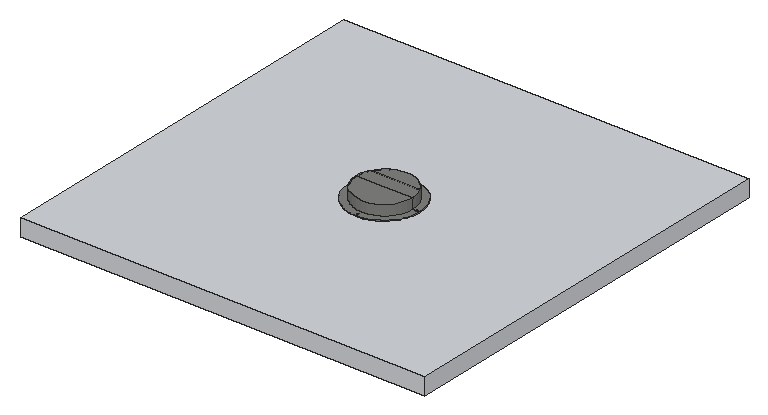
Revit family
Parameters (values of type "12"")
  hole CD = C / 30  # 0.51667"
  URL = "WWW.MIFAB.COM"
  Roof Drain = Roof Drain
  Pipe Radius = 6.000"
  Pipe Diameter = Pipe Radius * 2  # 12.000"
  Model = "R1960-3-84F"
  Manufacturer = "MIFAB"
  Hinj W = A / 1.25  # 10.800"
  Hinj H1 = A / 4.15  # 3.25301"
  Description = "FABRICATED STAINLESS STEEL DOWNSPOUT WITH HINGED COVER"
  Default Elevation = 48.000"
  C = 15.500"
  B = 17.000"
  A = 13.500"
Types (8): name | hole CD | Pipe Radius | Pipe Diameter | Hinj W | Hinj H1 | C | B | A
  (no name) | 0.51667" | 6.000" | 12.000" | 10.800" | 3.25301" | 15.500" | 17.000" | 13.500"
  3" | 0.200" | 1.500" | 3.000" | 3.400" | 1.0241" | 6.000" | 7.750" | 4.250"
  4" | 0.200" | 2.000" | 4.000" | 4.200" | 1.26506" | 6.000" | 8.750" | 5.250"
  6" | 0.300" | 3.000" | 6.000" | 5.904" | 1.77831" | 9.000" | 10.880" | 7.380"
  8" | 0.375" | 4.000" | 8.000" | 7.504" | 2.26024" | 11.250" | 12.880" | 9.380"
  10" | 0.450" | 5.000" | 10.000" | 9.200" | 2.77108" | 13.500" | 15.000" | 11.500"
  12" | 0.51667" | 6.000" | 12.000" | 10.800" | 3.25301" | 15.500" | 17.000" | 13.500"
  15" | 0.61667" | 7.500" | 15.000" | 13.304" | 4.00723" | 18.500" | 20.130" | 16.630"
Reference planes (in)
  plane 1 "Center (Front/Back)": y = 0
  plane 2: z = 0
  plane 3 "Center (Left/Right)": x = 0
  plane 4: z = -4.00327
  plane 5: x = 6.75
  plane 6: x = -6.75
  plane 7: x = 8.5
  plane 8: x = -8.5
  plane 9: x = 7.75
  plane 10: x = -7.75
  plane 11: z = 0
  plane 12: z = 0
  plane 13: z = 0.1
  plane 14: y = 3.25301
  plane 15: x = -5.4
  plane 16: x = 5.4
  plane 17: x = 6
  plane 18: x = -6
  plane 19: z = 2.5
  plane 20: z = -0.1
  plane 21: y = -7.75
  plane 22: y = 7.75
Forms (in)
  Extrusion 1, solid
    sketch origin (0, 0, 0) x (1, 0, 0) y (0, 1, 0)
      loop
        line (-48, 48) -> (-48, -48) -> (48, -48) -> (48, 48) -> (-48, 48)
    from 0 to -4
  Revolve 2, solid, material "Roof Drain" <- "Roof Drain"
    sketch origin (0, 0, -2.4) x (1, 0, 0) y (0, 0, 1)
      loop
        line (0, 2.4) -> (8.5, 2.4) -> (8.5, 2.5) -> (6.75, 2.5) -> (6.75, 4.9) -> (0, 4.9) -> (0, 4.80769) -> (6.61, 4.80769) -> (6.61, 2.5) -> (0, 2.5) -> (0, 2.4)
      axis (0, 2.4) -> (0, 4.9)
    angle from 0 to 360
  Extrusion 3, solid, material "Roof Drain" <- "Roof Drain"
    sketch origin (0, 0, 1.25) x (0, 1, 0) y (0, 0, 1)
      loop
        circle (3.25301, 1.25) r 0.1
    from -5.4 to 5.4
  Extrusion 4, void
    sketch origin (0, 0, 0) x (1, 0, 0) y (0, 1, 0)
      loop
        circle (-7.75, 0) r 0.165
      loop
        circle (7.75, 0) r 0.165
      loop
        circle (0, -7.75) r 0.165
      loop
        circle (0, 7.75) r 0.165
    from 0 to 0.1
Cuts and joins
  Extrusion 4 cuts Revolve 2
  Extrusion 4 cuts Extrusion 3
  joined: Revolve 2, Extrusion 3
Dimensions and locks (in)
  equal spacing: plane 6, plane 3 "Center (Left/Right)", plane 5
  "A": plane 6 to plane 5
  equal spacing: plane 8, plane 3 "Center (Left/Right)", plane 7
  "B": plane 8 to plane 7
  equal spacing: plane 10, plane 3 "Center (Left/Right)", plane 9
  "C": plane 10 to plane 9
  locked: plane 13 to level at 0.1
  plane 14 to plane 1 "Center (Front/Back)" = 3.25301"
  equal spacing: plane 15, plane 3 "Center (Left/Right)", plane 16
  "Hinj W": plane 15 to plane 16
  "Hinj H1": plane 1 "Center (Front/Back)" to plane 14
  equal spacing: plane 18, plane 3 "Center (Left/Right)", plane 17
  "Pipe Diameter": plane 18 to plane 17
  plane 19 to level = 2.500"
  equal spacing: plane 22, plane 1 "Center (Front/Back)", plane 21
  "C": plane 22 to plane 21
  aligned and locked: plane 2 to Extrusion 1
  aligned and locked: level to Extrusion 1
  aligned: Revolve 2 to plane 13
  aligned and locked: plane 14 to Extrusion 3 sketch curve
  aligned: plane 10 to Extrusion 3
  aligned: plane 9 to Extrusion 3
  aligned and locked: cut or joined group of Revolve 2, Extrusion 3, Extrusion 4 to plane 15
  aligned and locked: plane 16 to cut or joined group of Revolve 2, Extrusion 3, Extrusion 4
  aligned and locked: Revolve 2 sketch curve to level
  aligned and locked: plane 13 to Revolve 2 sketch curve  (x2)
  aligned and locked: plane 5 to Revolve 2 sketch curve
  aligned and locked: plane 19 to Revolve 2 sketch curve
  aligned and locked: plane 3 "Center (Left/Right)" to Revolve 2 sketch curve
  aligned and locked: plane 7 to Revolve 2 sketch curve
  aligned and locked: plane 19 to Extrusion 3 sketch curve
  aligned and locked: Revolve 2 sketch curve to plane 3 "Center (Left/Right)"
  aligned and locked: plane 10 to Extrusion 4 sketch curve
  aligned and locked: plane 1 "Center (Front/Back)" to Extrusion 4 sketch curve  (x2)
  aligned and locked: plane 22 to Extrusion 4 sketch curve
  aligned and locked: plane 3 "Center (Left/Right)" to Extrusion 4 sketch curve  (x2)
  aligned and locked: plane 21 to Extrusion 4 sketch curve
  aligned and locked: plane 9 to Extrusion 4 sketch curve
  aligned and locked: Revolve 2 to Extrusion 4
Automatic sketch dimensions
  Extrusion 1 sketch curve to Extrusion 1 sketch curve = 96.000"  (x2)
  Revolve 2 sketch curve to plane 3 "Center (Left/Right)" = 0.000"
  plane 19 to Revolve 2 sketch curve = 0.09231"
  Revolve 2 sketch curve to plane 19 = 2.350"
  Revolve 2 sketch curve to Revolve 2 sketch curve = 1.500"
  Revolve 2 sketch curve to Revolve 2 sketch curve = 0.140"
  radius of Extrusion 3 sketch curve = 0.100"
  radius of Extrusion 4 sketch curve = 0.165"  (x4)
Connectors (in)
  piping at (0, 0, 0), driven by "Pipe Radius"
    settings: on cut or joined group of Revolve 2, Extrusion 3, Extrusion 4, index 1, connector radius 6", flow factor 0, pipe flow 0 GPM, pressure drop 0.00 psi, fitting loss kfactor 0, connector angle 0.00°, fixture units 0, flow configuration 0, flow direction 0, fitting loss method 0, system type 16, connector reference index -1, connector utility 0, adjustable connector no, is connector primary yes, fitting loss table "", connector description ""
